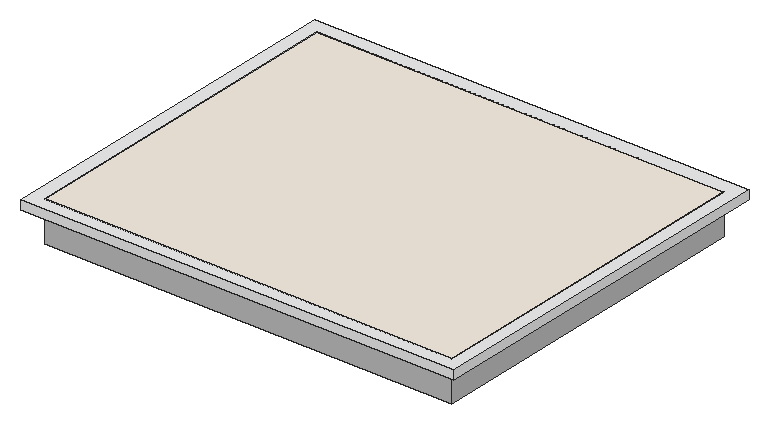
Revit family "Lighting-Industriale-GEWISS-ELIA-HL-LED_RIFLETTORE", category Apparecchi per illuminazione, host Superficie, Revit 2019 (continued)
Parameters (values of type "GWF1001QM840 - ELIA HL L2 120° 4000K S.ALONE DALI")
    6 \r\n1060.92 993.16 929.88 869.82 811.58 755.86 703.50 652.96 \r\n603.54 555.66 509.88 466.06 424.20 384.02 344.96 308.42 \r\n275.70 245.55 217.20 190.57 165.23 141.55 119.85 99.88 \r\n81.31 64.58 49.95 37.44 27.14 19.13 13.72 10.39 8.66 8.69 \r\n8142.40 8142.40 8142.40 8145.20 8146.60 8148.00 8150.80 \r\n8153.60 8156.40 8160.60 8163.40 8167.60 8173.20 8177.40 \r\n8183.00 8188.60 8195.60 8201.20 8209.60 8216.60 8225.00 \r\n8232.00 8240.40 8247.40 8255.80 8262.80 8269.80 8278.20 \r\n8286.60 8293.60 8302.00 8310.40 8318.80 8327.20 8337.00 \r\n8346.80 8356.60 8367.80 8377.60 8388.80 8398.60 8409.80 \r\n8419.60 8430.80 8442.00 8451.80 8463.00 8474.20 8484.00 \r\n8496.60 8507.80 8519.00 8530.20 8541.40 8551.20 8562.40 \r\n8573.60 8583.40 8594.60 8603.00 8611.40 8617.00 8624.00 \r\n8628.20 8633.80 8636.60 8639.40 8639.40 8639.40 8636.60 \r\n8633.80 8631.00 8625.40 8618.40 8608.60 8597.40 8584.80 \r\n8570.80 8552.60 8535.80 8514.80 8493.80 8470.00 8444.80 \r\n8416.80 8387.40 8355.20 8320.20 8282.40 8246.00 8205.40 \r\n8157.80 8106.00 8048.60 7987.00 7919.80 7845.60 7760.20 \r\n7665.00 7560.00 7446.60 7329.00 7204.40 7081.20 6953.80 \r\n6818.00 6669.60 6507.20 6335.00 6151.60 5964.00 5776.40 \r\n5590.20 5409.60 5229.00 5054.00 4883.20 4722.20 4562.60 \r\n4397.40 4235.00 4076.80 3922.80 3767.40 3614.80 3470.60 \r\n3329.20 3186.40 3045.00 2909.20 2777.18 2652.02 2531.20 \r\n2412.76 2297.12 2183.44 2072.98 1967.28 1864.38 1763.44 \r\n1664.46 1567.30 1472.66 1381.52 1294.16 1211.28 1133.44 \r\n1061.06 993.30 929.88 869.82 811.72 756.00 703.36 652.96 \r\n603.54 555.80 510.30 466.62 424.48 384.30 345.38 308.98 \r\n276.04 245.74 217.32 190.65 165.37 141.74 120.01 99.97 \r\n81.42 64.71 49.99 37.44 27.17 19.24 13.86 10.51 8.74 8.69 \r\n8142.40 8142.40 8142.40 8145.20 8146.60 8148.00 8149.40 \r\n8153.60 8156.40 8159.20 8163.40 8167.60 8173.20 8177.40 \r\n8183.00 8188.60 8195.60 8201.20 8209.60 8216.60 8225.00 \r\n8232.00 8240.40 8247.40 8255.80 8264.20 8269.80 8278.20 \r\n8286.60 8295.00 8302.00 8311.80 8320.20 8330.00 8338.40 \r\n8348.20 8358.00 8369.20 8380.40 8390.20 8400.00 8409.80 \r\n8421.00 8430.80 8442.00 8453.20 8465.80 8475.60 8486.80 \r\n8496.60 8509.20 8520.40 8531.60 8542.80 8554.00 8565.20 \r\n8575.00 8586.20 8594.60 8603.00 8611.40 8619.80 8625.40 \r\n8631.00 8635.20 8639.40 8640.80 8642.20 8640.80 8639.40 \r\n8636.60 8632.40 8628.20 8619.80 8611.40 8600.20 8587.60 \r\n8572.20 8555.40 8535.80 8517.60 8495.20 8472.80 8446.20 \r\n8418.20 8387.40 8356.60 8321.60 8285.20 8246.00 8204.00 \r\n8157.80 8107.40 8050.00 7988.40 7919.80 7845.60 7761.60 \r\n7666.40 7560.00 7448.00 7329.00 7204.40 7082.60 6952.40 \r\n6815.20 6669.60 6507.20 6335.00 6151.60 5965.40 5777.80 \r\n5593.00 5409.60 5230.40 5055.40 4884.60 4723.60 4562.60 \r\n4398.80 4235.00 4078.20 3924.20 3768.80 3617.60 3472.00 \r\n3329.20 3187.80 3047.80 2912.00 2779.28 2653.84 2532.46 \r\n2413.32 2296.98 2183.58 2073.68 1968.12 1865.36 1764.42 \r\n1665.58 1568.28 1473.64 1382.36 1295.00 1212.26 1134.14 \r\n1061.76 993.86 930.30 870.10 811.86 756.28 703.50 652.96 \r\n603.68 556.22 510.86 467.32 425.18 384.58 345.80 309.40 \r\n276.56 246.08 217.55 190.83 165.59 142.02 120.23 100.13 \r\n81.58 64.83 50.06 37.44 27.23 19.36 13.99 10.63 8.82 8.70 \r\n8142.40 8142.40 8142.40 8143.80 8146.60 8148.00 8150.80 \r\n8153.60 8156.40 8159.20 8163.40 8167.60 8173.20 8177.40 \r\n8183.00 8188.60 8194.20 8201.20 8209.60 8216.60 8225.00 \r\n8232.00 8240.40 8248.80 8255.80 8264.20 8271.20 8278.20 \r\n8286.60 8295.00 8304.80 8311.80 8320.20 8330.00 8339.80 \r\n8349.60 8360.80 8369.20 8380.40 8390.20 8401.40 8412.60 \r\n8422.40 8432.20 8444.80 8454.60 8465.80 8477.00 8486.80 \r\n8499.40 8509.20 8521.80 8533.00 8544.20 8554.00 8565.20 \r\n8576.40 8586.20 8597.40 8605.80 8614.20 8621.20 8628.20 \r\n8633.80 8638.00 8640.80 8643.60 8643.60 8642.20 8640.80 \r\n8638.00 8633.80 8628.20 8621.20 8612.80 8603.00 8589.00 \r\n8573.60 8556.80 8538.60 8519.00 8498.00 8472.80 8447.60 \r\n8419.60 8388.80 8356.60 8323.00 8285.20 8247.40 8205.40 \r\n8159.20 8107.40 8050.00 7988.40 7921.20 7845.60 7761.60 \r\n7666.40 7561.40 7448.00 7329.00 7205.80 7082.60 6952.40 \r\n6815.20 6668.20 6507.20 6335.00 6154.40 5966.80 5779.20 \r\n5594.40 5411.00 5231.80 5056.80 4886.00 4723.60 4564.00 \r\n4400.20 4236.40 4078.20 3924.20 3770.20 3619.00 3474.80 \r\n3332.00 3189.20 3050.60 2913.40 2781.52 2655.80 2533.86 \r\n2413.74 2296.84 2184.00 2074.66 1969.24 1866.62 1765.68 \r\n1666.84 1569.54 1474.90 1383.48 1296.12 1213.38 1135.12 \r\n1062.60 994.56 930.86 870.38 812.28 756.70 703.92 653.10 \r\n603.96 556.64 511.42 468.02 425.74 385.14 346.36 310.24 \r\n277.10 246.48 217.85 191.10 165.89 142.35 120.51 100.34 \r\n81.77 65.00 50.15 37.46 27.29 19.48 14.12 10.75 8.89 8.71 \r\n8142.40 8142.40 8142.40 8143.80 8146.60 8149.40 8150.80 \r\n8153.60 8156.40 8159.20 8163.40 8167.60 8173.20 8177.40 \r\n8183.00 8188.60 8194.20 8201.20 8209.60 8216.60 8225.00 \r\n8232.00 8240.40 8248.80 8255.80 8264.20 8272.60 8279.60 \r\n8288.00 8296.40 8304.80 8314.60 8321.60 8331.40 8341.20 \r\n8351.00 8360.80 8370.60 8381.80 8393.00 8402.80 8412.60 \r\n8423.80 8433.60 8444.80 8456.00 8467.20 8478.40 8489.60 \r\n8499.40 8512.00 8523.20 8534.40 8545.60 8556.80 8568.00 \r\n8577.80 8589.00 8597.40 8608.60 8615.60 8624.00 8629.60 \r\n8635.20 8639.40 8642.20 8643.60 8645.00 8643.60 8642.20 \r\n8639.40 8635.20 8629.60 8624.00 8614.20 8603.00 8591.80 \r\n8576.40 8559.60 8540.00 8521.80 8499.40 8475.60 8449.00 \r\n8421.00 8391.60 8359.40 8323.00 8285.20 8247.40 8205.40 \r\n8159.20 8107.40 8051.40 7989.80 7921.20 7845.60 7761.60 \r\n7666.40 7560.00 7446.60 7329.00 7205.80 7081.20 6951.00 \r\n6813.80 6666.80 6505.80 6335.00 6154.40 5968.20 5782.00 \r\n5595.80 5412.40 5233.20 5056.80 4886.00 4723.60 4564.00 \r\n4398.80 4236.40 4078.20 3924.20 3770.20 3621.80 3476.20 \r\n3333.40 3190.60 3050.60 2914.80 2784.04 2657.76 2535.26 \r\n2414.30 2296.70 2184.28 2075.78 1970.50 1867.88 1767.22 \r\n1668.52 1571.08 1476.30 1384.88 1297.38 1214.64 1136.52 \r\n1063.72 995.54 931.56 870.80 812.70 757.26 704.20 653.38 \r\n604.24 557.06 511.98 468.72 426.44 385.84 347.20 311.08 \r\n277.72 246.99 218.25 191.42 166.25 142.74 120.83 100.59 \r\n81.98 65.20 50.25 37.49 27.36 19.61 14.25 10.86 8.96 8.72 \r\n8142.40 8142.40 8142.40 8143.80 8146.60 8149.40 8150.80 \r\n8153.60 8156.40 8159.20 8163.40 8167.60 8173.20 8177.40 \r\n8183.00 8188.60 8194.20 8202.60 8209.60 8216.60 8225.00 \r\n8233.40 8240.40 8248.80 8257.20 8264.20 8272.60 8279.60 \r\n8288.00 8296.40 8306.20 8314.60 8324.40 8332.80 8342.60 \r\n8352.40 8362.20 8373.40 8383.20 8393.00 8404.20 8414.00 \r\n8423.80 8435.00 8446.20 8457.40 8468.60 8478.40 8489.60 \r\n8502.20 8512.00 8524.60 8535.80 8545.60 8556.80 8568.00 \r\n8579.20 8590.40 8600.20 8610.00 8618.40 8625.40 8632.40 \r\n8636.60 8642.20 8645.00 8645.00 8645.00 8645.00 8643.60 \r\n8640.80 8636.60 8631.00 8625.40 8615.60 8605.80 8591.80 \r\n8577.80 8561.00 8542.80 8523.20 8500.80 8477.00 8449.00 \r\n8421.00 8391.60 8359.40 8324.40 8285.20 8247.40 8205.40 \r\n8159.20 8107.40 8051.40 7989.80 7922.60 7847.00 7760.20 \r\n7666.40 7560.00 7446.60 7329.00 7205.80 7081.20 6951.00 \r\n6812.40 6665.40 6507.20 6336.40 6155.80 5969.60 5783.40 \r\n5597.20 5415.20 5234.60 5058.20 4887.40 4725.00 4565.40 \r\n4400.20 4236.40 4079.60 3924.20 3773.00 3623.20 3479.00 \r\n3334.80 3192.00 3053.40 2917.60 2786.42 2660.14 2536.94 \r\n2415.00 2296.70 2184.84 2077.04 1971.90 1869.42 1768.76 \r\n1670.06 1572.62 1477.84 1386.42 1298.92 1216.18 1137.92 \r\n1065.12 996.52 932.40 871.50 813.26 757.82 704.62 653.66 \r\n604.66 557.62 512.82 469.56 427.14 386.26 347.90 311.78 \r\n278.52 247.56 218.69 191.79 166.64 143.19 121.20 100.86 \r\n82.22 65.41 50.36 37.53 27.45 19.73 14.38 10.97 9.03 8.73 \r\n8142.40 8142.40 8143.80 8143.80 8146.60 8149.40 8150.80 \r\n8153.60 8156.40 8159.20 8162.00 8167.60 8173.20 8177.40 \r\n8183.00 8188.60 8194.20 8202.60 8209.60 8216.60 8225.00 \r\n8233.40 8240.40 8248.80 8257.20 8265.60 8274.00 8282.40 \r\n8289.40 8297.80 8306.20 8316.00 8324.40 8334.20 8344.00 \r\n8353.80 8365.00 8373.40 8384.60 8394.40 8405.60 8415.40 \r\n8426.60 8436.40 8447.60 8458.80 8468.60 8479.80 8492.40 \r\n8502.20 8514.80 8526.00 8535.80 8548.40 8559.60 8570.80 \r\n8580.60 8591.80 8601.60 8611.40 8619.80 8626.80 8633.80 \r\n8639.40 8643.60 8646.40 8646.40 8646.40 8646.40 8645.00 \r\n8642.20 8638.00 8633.80 8625.40 8618.40 8607.20 8594.60 \r\n8579.20 8562.40 8544.20 8524.60 8502.20 8477.00 8451.80 \r\n8422.40 8393.00 8360.80 8324.40 8286.60 8247.40 8205.40 \r\n8159.20 8107.40 8052.80 7991.20 7922.60 7847.00 7760.20 \r\n7665.00 7558.60 7446.60 7327.60 7204.40 7081.20 6949.60 \r\n6812.40 6664.00 6505.80 6336.40 6155.80 5969.60 5784.80 \r\n5600.00 5415.20 5234.60 5058.20 4887.40 4725.00 4564.00 \r\n4400.20 4236.40 4079.60 3925.60 3773.00 3624.60 3479.00 \r\n3336.20 3194.80 3056.20 2920.40 2788.94 2662.24 2538.48 \r\n2415.70 2297.12 2185.68 2078.30 1973.44 1870.82 1770.44 \r\n1671.88 1574.44 1479.38 1387.96 1300.46 1217.58 1139.32 \r\n1066.38 997.78 933.10 872.06 813.82 758.38 705.18 653.94 \r\n605.08 558.18 513.52 470.40 427.84 386.96 348.60 312.62 \r\n279.22 248.16 219.18 192.19 167.08 143.65 121.58 101.15 \r\n82.47 65.60 50.48 37.59 27.52 19.86 14.51 11.08 9.10 8.74 \r\n8142.40 8142.40 8143.80 8143.80 8146.60 8148.00 8150.80 \r\n8153.60 8156.40 8159.20 8163.40 8167.60 8173.20 8176.00 \r\n8183.00 8188.60 8195.60 8202.60 8209.60 8218.00 8225.00 \r\n8233.40 8241.80 8248.80 8257.20 8265.60 8274.00 8282.40 \r\n8290.80 8299.20 8309.00 8316.00 8325.80 8335.60 8345.40 \r\n8353.80 8365.00 8374.80 8386.00 8397.20 8405.60 8416.80 \r\n8426.60 8437.80 8447.60 8458.80 8471.40 8481.20 8492.40 \r\n8503.60 8516.20 8526.00 8538.60 8549.80 8559.60 8570.80 \r\n8582.00 8593.20 8604.40 8612.80 8622.60 8628.20 8635.20 \r\n8640.80 8645.00 8647.80 8649.20 8649.20 8647.80 8646.40 \r\n8643.60 8640.80 8635.20 8628.20 8619.80 8608.60 8596.00 \r\n8582.00 8563.80 8545.60 8526.00 8503.60 8478.40 8453.20 \r\n8422.40 8393.00 8360.80 8325.80 8286.60 8247.40 8206.80 \r\n8159.20 8107.40 8052.80 7992.60 7922.60 7847.00 7760.20 \r\n7663.60 7557.20 7445.20 7326.20 7204.40 7079.80 6949.60 \r\n6811.00 6664.00 6505.80 6336.40 6157.20 5971.00 5786.20 \r\n5600.00 5418.00 5234.60 5059.60 4888.80 4725.00 4565.40 \r\n4401.60 4237.80 4079.60 3925.60 3773.00 3626.00 3481.80 \r\n3337.60 3196.20 3056.20 2923.20 2791.46 2664.34 2540.02 \r\n2416.82 2297.54 2186.52 2079.98 1974.98 1872.36 1771.98 \r\n1673.42 1575.98 1480.92 1389.64 1302.00 1219.26 1141.00 \r\n1067.78 999.04 934.08 872.76 814.66 759.08 705.46 654.36 \r\n605.36 558.74 514.22 471.24 428.54 387.52 349.44 313.60 \r\n280.10 248.79 219.70 192.65 167.54 144.12 121.98 101.47 \r\n82.74 65.83 50.62 37.67 27.62 19.99 14.63 11.18 9.17 8.75 \r\n8142.40 8142.40 8143.80 8143.80 8146.60 8148.00 8150.80 \r\n8153.60 8156.40 8159.20 8163.40 8167.60 8173.20 8176.00 \r\n8183.00 8188.60 8195.60 8202.60 8209.60 8218.00 8225.00 \r\n8233.40 8241.80 8250.20 8257.20 8265.60 8274.00 8282.40 \r\n8290.80 8300.60 8309.00 8318.80 8327.20 8337.00 8345.40 \r\n8356.60 8366.40 8377.60 8386.00 8397.20 8408.40 8416.80 \r\n8428.00 8437.80 8449.00 8460.20 8471.40 8482.60 8493.80 \r\n8505.00 8516.20 8528.80 8538.60 8549.80 8562.40 8573.60 \r\n8584.80 8596.00 8605.80 8614.20 8622.60 8631.00 8638.00 \r\n8642.20 8647.80 8649.20 8650.60 8650.60 8650.60 8647.80 \r\n8645.00 8642.20 8636.60 8629.60 8621.20 8610.00 8597.40 \r\n8582.00 8565.20 8547.00 8526.00 8505.00 8479.80 8451.80 \r\n8423.80 8394.40 8360.80 8325.80 8288.00 8247.40 8205.40 \r\n8159.20 8107.40 8052.80 7992.60 7924.00 7845.60 7758.80 \r\n7662.20 7555.80 7443.80 7324.80 7204.40 7078.40 6948.20 \r\n6809.60 6662.60 6504.40 6336.40 6157.20 5972.40 5787.60 \r\n5601.40 5418.00 5237.40 5059.60 4888.80 4726.40 4564.00 \r\n4400.20 4237.80 4079.60 3925.60 3775.80 3627.40 3481.80 \r\n3339.00 3197.60 3059.00 2923.20 2793.56 2666.30 2541.56 \r\n2417.80 2298.24 2187.64 2081.52 1976.52 1873.90 1773.66 \r\n1675.24 1577.66 1482.60 1391.04 1303.54 1220.80 1142.54 \r\n1069.18 1000.30 935.06 873.46 815.22 759.64 706.02 654.78 \r\n606.06 559.30 514.92 472.08 429.24 388.36 350.14 314.44 \r\n280.85 249.42 220.25 193.12 168.00 144.59 122.39 101.79 \r\n83.01 66.04 50.76 37.76 27.73 20.12 14.76 11.28 9.23 8.76 \r\n8142.40 8142.40 8143.80 8143.80 8146.60 8148.00 8150.80 \r\n8153.60 8156.40 8159.20 8163.40 8167.60 8173.20 8176.00 \r\n8183.00 8190.00 8195.60 8202.60 8209.60 8218.00 8225.00 \r\n8233.40 8241.80 8250.20 8258.60 8267.00 8275.40 8283.80 \r\n8292.20 8300.60 8309.00 8318.80 8328.60 8338.40 8348.20 \r\n8356.60 8366.40 8377.60 8387.40 8398.60 8408.40 8419.60 \r\n8429.40 8439.20 8450.40 8461.60 8472.80 8484.00 8495.20 \r\n8506.40 8519.00 8528.80 8541.40 8552.60 8563.80 8575.00 \r\n8586.20 8597.40 8607.20 8617.00 8624.00 8632.40 8639.40 \r\n8645.00 8647.80 8650.60 8652.00 8652.00 8650.60 8649.20 \r\n8646.40 8642.20 8636.60 8631.00 8622.60 8612.80 8598.80 \r\n8583.40 8566.60 8548.40 8527.40 8506.40 8479.80 8453.20 \r\n8425.20 8394.40 8360.80 8325.80 8288.00 8248.80 8206.80 \r\n8159.20 8108.80 8054.20 7994.00 7924.00 7845.60 7758.80 \r\n7660.80 7554.40 7442.40 7323.40 7203.00 7077.00 6948.20 \r\n6808.20 6661.20 6503.00 6335.00 6157.20 5972.40 5787.60 \r\n5602.80 5418.00 5237.40 5061.00 4890.20 4726.40 4565.40 \r\n4400.20 4239.20 4079.60 3925.60 3775.80 3628.80 3483.20 \r\n3340.40 3199.00 3060.40 2926.00 2796.08 2668.26 2543.24 \r\n2418.92 2299.22 2188.90 2083.20 1978.34 1875.58 1775.20 \r\n1676.78 1579.06 1483.86 1392.58 1305.08 1222.34 1144.22 \r\n1070.72 1001.42 935.90 874.02 815.78 760.20 706.44 655.06 \r\n606.34 559.86 515.62 472.64 429.94 388.92 350.98 315.28 \r\n281.64 250.05 220.79 193.59 168.48 145.04 122.79 102.10 \r\n83.26 66.25 50.92 37.86 27.84 20.25 14.87 11.38 9.29 8.77 \r\n8142.40 8142.40 8143.80 8143.80 8146.60 8148.00 8150.80 \r\n8153.60 8156.40 8159.20 8163.40 8167.60 8173.20 8176.00 \r\n8183.00 8190.00 8197.00 8202.60 8211.00 8218.00 8226.40 \r\n8234.80 8241.80 8250.20 8258.60 8267.00 8275.40 8283.80 \r\n8292.20 8300.60 8310.40 8318.80 8328.60 8338.40 8348.20 \r\n8358.00 8369.20 8377.60 8387.40 8398.60 8409.80 8419.60 \r\n8430.80 8440.60 8451.80 8461.60 8474.20 8485.40 8496.60 \r\n8509.20 8519.00 8531.60 8542.80 8554.00 8566.60 8577.80 \r\n8589.00 8600.20 8610.00 8618.40 8626.80 8633.80 8640.80 \r\n8646.40 8649.20 8652.00 8654.80 8654.80 8652.00 8650.60 \r\n8647.80 8643.60 8638.00 8632.40 8622.60 8614.20 8600.20 \r\n8584.80 8568.00 8548.40 8528.80 8506.40 8481.20 8454.60 \r\n8425.20 8394.40 8362.20 8327.20 8289.40 8250.20 8208.20 \r\n8160.60 8110.20 8055.60 7995.40 7925.40 7845.60 7757.40 \r\n7659.40 7553.00 7438.20 7323.40 7201.60 7078.40 6948.20 \r\n6808.20 6659.80 6503.00 6335.00 6155.80 5972.40 5787.60 \r\n5601.40 5418.00 5237.40 5062.40 4891.60 4726.40 4564.00 \r\n4401.60 4239.20 4079.60 3924.20 3775.80 3628.80 3484.60 \r\n3340.40 3199.00 3060.40 2927.40 2796.92 2669.10 2544.50 \r\n2421.02 2302.30 2192.26 2086.14 1980.30 1876.84 1776.32 \r\n1677.76 1580.04 1484.56 1393.28 1305.92 1223.18 1145.06 \r\n1071.56 1002.40 936.60 874.58 816.20 760.48 707.00 655.62 \r\n606.76 560.28 515.76 472.78 430.08 389.20 351.26 315.70 \r\n282.00 250.49 221.28 194.12 168.90 145.33 123.06 102.40 \r\n83.48 66.42 51.09 38.04 27.98 20.37 14.98 11.47 9.35 8.78 \r\n8142.40 8142.40 8143.80 8143.80 8146.60 8148.00 8150.80 \r\n8153.60 8156.40 8159.20 8163.40 8167.60 8173.20 8177.40 \r\n8183.00 8190.00 8197.00 8202.60 8211.00 8218.00 8226.40 \r\n8234.80 8243.20 8253.00 8260.00 8268.40 8276.80 8285.20 \r\n8293.60 8303.40 8311.80 8321.60 8330.00 8338.40 8348.20 \r\n8359.40 8369.20 8379.00 8388.80 8398.60 8409.80 8421.00 \r\n8430.80 8442.00 8451.80 8463.00 8475.60 8486.80 8496.60 \r\n8509.20 8521.80 8533.00 8545.60 8556.80 8568.00 8579.20 \r\n8590.40 8601.60 8612.80 8621.20 8628.20 8636.60 8643.60 \r\n8649.20 8652.00 8654.80 8654.80 8654.80 8654.80 8653.40 \r\n8650.60 8646.40 8640.80 8633.80 8625.40 8614.20 8601.60 \r\n8586.20 8569.40 8549.80 8530.20 8507.80 8482.60 8454.60 \r\n8426.60 8395.80 8363.60 8328.60 8290.80 8251.60 8209.60 \r\n8163.40 8111.60 8058.40 7996.80 7925.40 7845.60 7756.00 \r\n7658.00 7551.60 7436.80 7320.60 7201.60 7077.00 6946.80 \r\n6808.20 6659.80 6501.60 6335.00 6155.80 5971.00 5784.80 \r\n5600.00 5418.00 5237.40 5062.40 4890.20 4726.40 4565.40 \r\n4400.20 4239.20 4081.00 3925.60 3774.40 3628.80 3483.20 \r\n3340.40 3200.40 3063.20 2927.40 2797.62 2669.94 2545.62 \r\n2423.26 2305.52 2195.48 2089.08 1982.40 1878.24 1777.30 \r\n1678.60 1580.46 1485.12 1393.84 1306.76 1224.02 1145.76 \r\n1072.40 1003
